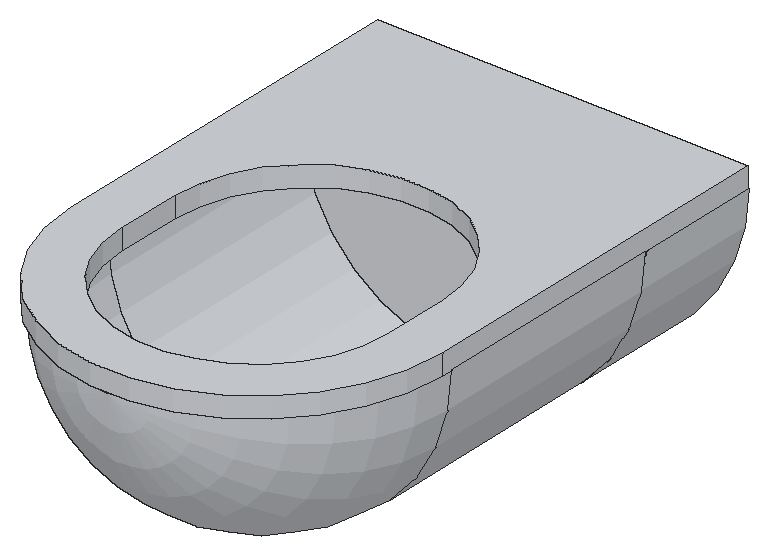
Revit family
Parameters (values of type "550 x 360mm")
  Material = none
  Manufacturer = "Revit"
  Assembly Code = "D2010110"
Reference planes
  plane 1 "Center (Front/Back)": y = 0
  plane 2: z = 0
  plane 3 "Center (Left/Right)": x = 0
  plane 4: y = -244.9
Forms (mm)
  Extrusion 1, solid, material <- "Material"
    sketch origin (0, 0, 307.334) x (1, 0, 0) y (0, 1, 0)
      loop
        line (-179.9, 0) -> (-179.9, -370.216)
        arc (-179.9, -370.216) -> (0.005, -550.122) -> (179.91, -370.216) r 179.905
        line (179.91, -370.216) -> (179.91, 0) -> (-179.9, 0)
      loop
        line (-130, -308.309) -> (-130, -372.093)
        arc (-130, -372.093) -> (0, -502.093) -> (130, -372.093) r 130
        line (130, -372.093) -> (130, -308.309)
        arc (130, -308.309) -> (0, -178.309) -> (-130, -308.309) r 130
    from -20 to 0
  Blend 2, solid, material <- "Material"
    base sketch origin (0, -124.9, 287.334) x (0, 0, -1) y (-1, 0, 0)
      loop
        line (0, 180) -> (0, -180)
        arc (0, -180) -> (180, 0) -> (0, 180) r 180
    top sketch origin (0, -124.9, 287.334) x (0, 0, -1) y (-1, 0, 0)
      loop
        line (0, 179.9) -> (0, -180)
        arc (0, -180) -> (179.95, -0.05) -> (0, 179.9) r 179.95
    from 0 to 124.9
  Revolve 3, solid, material <- "Material"
    sketch origin (-135.875, 0, 287.334) x (0, -1, 0) y (1, 0, 0)
      loop
        line (124.9, -18.028) -> (124.9, -44.025) -> (359.287, -44.025)
        arc (359.287, -44.025) -> (490.375, 8.047) -> (550, 135.875) r 191.038
        line (550, 135.875) -> (523.953, 135.875)
        arc (523.953, 135.875) -> (472.275, 26.71) -> (360.086, -18.028) r 165.042
        line (360.086, -18.028) -> (124.9, -18.028)
      axis (550, 135.875) -> (124.9, 135.875)
    angle from 0 to 180
Lines and regions (mm)
  symbolic lines
    curve 1: line (-179.9, 0, 0) -> (-179.9, -359.287, 0)
    curve 2: arc (-179.9, -359.287, 0) -> (-4.657, -549.944, 0) -> (179.91, -368.299, 0) r 180.067
    curve 3: line (179.91, -368.299, 0) -> (179.91, 0, 0)
    curve 4: line (179.91, 0, 0) -> (-179.9, 0, 0)
    curve 9: line (130.63, -372.093, 0) -> (-130.877, -308.309, 0)
    curve 10: line (-130.877, -308.309, 0) -> (130.63, -372.093, 0)
  symbolic lines, detail levels medium+fine
    curve 5: arc (-87.431, -129.902, 0) -> (-81.102, -136.231, 0) -> (-74.773, -129.902, 0) r 6.329
    curve 6: arc (-74.773, -129.902, 0) -> (-81.102, -123.573, 0) -> (-87.431, -129.902, 0) r 6.329
    curve 7: arc (75.37, -129.902, 0) -> (81.699, -136.231, 0) -> (88.028, -129.902, 0) r 6.329
    curve 8: arc (88.028, -129.902, 0) -> (81.699, -123.573, 0) -> (75.37, -129.902, 0) r 6.329
    curve 11: line (47.129, -320.624, 0) -> (-47.196, -320.624, 0)
    curve 12: line (-47.196, -320.624, 0) -> (47.129, -320.624, 0)
